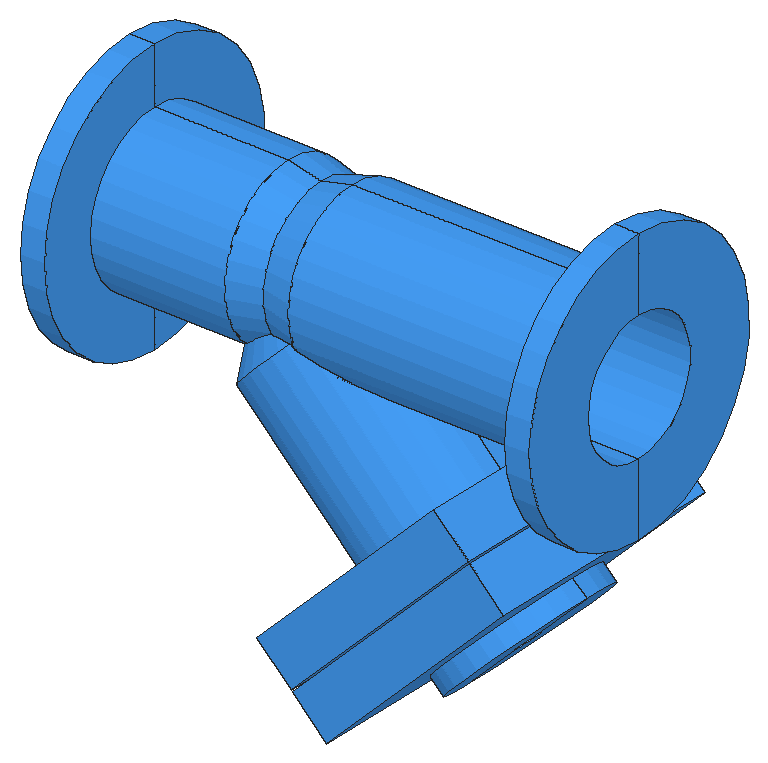
Revit family "Wye-Pattern_Strainers-Backflow_Preventor-WATTS-77F-DI-125", category Pipe Accessories, Revit 2014
Parameters (values of type "77F-DI-125 2"")
  Width = 4 1/4"
  Weight = "18/8 (LB/KG)"
  Waste Connection = no
  Vent Connection = no
  URL = "http://www.watts.com/"
  Strainer Width = 3 7/8"
  Strainer Thickness = Flange Thickness * 2  # 3/4"
  Strainer Revolve Offset Distance = Strainer Width / 2  # 1 15/16"
  Strainer Offset Length From Flange = (Strainer Length - Strainer Diameter) / 2  # 11/16"
  Strainer Length = Strainer Width  # 3 7/8"
  Strainer Diameter = Nominal Depth * 2 + NPT Diameter  # 2 1/2"
  Product Page URL = "http://www.watts.com/pages/_products_details.asp?pid=832"
  Product Documentation Link = "http://media.wattswater.com/ES-77F-DI-125.pdf"
  Price = "Prices may vary. Please consult Manufacturer Representative for most up-to-date price list."  # constant formula
  Nominal Depth 2 = Nominal Depth / 2  # 1/2"
  Nominal Depth = 1"
  NPT Radius = NPT Diameter / 2  # 1/4"
  NPT Diameter = 1/2"
  Model = "77F-DI-125"  # constant formula
  Max. Working Pressure = "200psi (13.8 bar) WOG, non-shock, @ 210°F (99°C)\r 125psi (8.6 bar) WSP @ 353°F (178°C)\r"  # constant formula
  Material = "Metal-Watts-Cast Iron"  # constant formula
  Manufacturer = "WATTS"  # constant formula
  HW Connection = no
  Flange Thickness = 3/8"
  Finish = Metal-Watts-Cast Iron
  Description = "Cast Iron, Class 125 Flanged End, Wye-Pattern Strainers"  # constant formula
  D = 7"
  Creation Date = "07/26/2018"  # constant formula
  Connection Size = Connection Radius * 2  # 2"
  Connection Radius = 1"
  Connection Outlet Description = "1/2\" Flanged Outlet"
  Connection Inlet Description = "1/2\" Flanged Inlet"
  Clearance = yes
  CW Connection = yes
  Body Radius = 1 1/4"
  B = 5 1/4"
  Assembly Code = "F1050"
  A = 7 7/8"
Types (10): name | Width | Weight | Strainer Width | Strainer Thickness | Strainer Revolve Offset Distance | Strainer Offset Length From Flange | Strainer Length | Strainer Diameter | Nominal Depth 2 | Nominal Depth | NPT Radius | NPT Diameter | Flange Thickness | D | Connection Size | Connection Radius | Connection Outlet Description | Connection Inlet Description | Body Radius | B | A
  (no name) | 4 1/4" | "18/8 (LB/KG)" | 3 7/8" | 3/4" | 1 15/16" | 11/16" | 3 7/8" | 2 1/2" | 1/2" | 1" | 1/4" | 1/2" | 3/8" | 7" | 2" | 1" | "1/2\" Flanged Outlet" | "1/2\" Flanged Inlet" | 1 1/4" | 5 1/4" | 7 7/8"
  77F-DI-125 2" | 4 1/4" | "18/8 (LB/KG)" | 3 7/8" | 3/4" | 1 15/16" | 11/16" | 3 7/8" | 2 1/2" | 1/2" | 1" | 1/4" | 1/2" | 3/8" | 7" | 2" | 1" | "1/2\" Flanged Outlet" | "1/2\" Flanged Inlet" | 1 1/4" | 5 1/4" | 7 7/8"
  77F-DI-125 2.5" | 5" | "28/13 (LB/KG)" | 4 7/8" | 3/4" | 2 7/16" | 15/16" | 4 7/8" | 3" | 1/2" | 1" | 1/2" | 1" | 3/8" | 9 3/4" | 2 1/2" | 1 1/4" | "1\" Flanged Outlet" | "1\" Flanged Inlet" | 1 5/8" | 6 1/2" | 10"
  77F-DI-125 3" | 5 1/2" | "34/15 (LB/KG)" | 5" | 1" | 2 1/2" | 5/8" | 5" | 3 3/4" | 11/16" | 1 3/8" | 1/2" | 1" | 1/2" | 10" | 3" | 1 1/2" | "1\" Flanged Outlet" | "1\" Flanged Inlet" | 2" | 7" | 10 1/8"
  77F-DI-125 4" | 7" | "60/27 (LB/KG)" | 6 1/8" | 1" | 3 1/16" | 11/16" | 6 1/8" | 4 3/4" | 13/16" | 1 5/8" | 3/4" | 1 1/2" | 1/2" | 12" | 4" | 2" | "1-1/2\" Flanged Outlet" | "1-1/2\" Flanged Inlet" | 2 1/2" | 8 1/4" | 12 1/8"
  77F-DI-125 5" | 8 1/4" | "95/43 (LB/KG)" | 7 1/2" | 1 1/4" | 3 3/4" | 1" | 7 1/2" | 5 1/2" | 7/8" | 1 3/4" | 1" | 2" | 5/8" | 17" | 5" | 2 1/2" | "2\" Flanged Outlet" | "2\" Flanged Inlet" | 3" | 11 1/4" | 15 5/8"
  77F-DI-125 6" | 10" | "133/60 (LB/KG)" | 8 1/2" | 2" | 4 1/4" | 3/4" | 8 1/2" | 7" | 1 1/4" | 2 1/2" | 1" | 2" | 1" | 20" | 6" | 3" | "2\" Flanged Outlet" | "2\" Flanged Inlet" | 3 1/2" | 13 1/2" | 18 1/2"
  77F-DI-125 8" | 14" | "247/112 (LB/KG)" | 11" | 2" | 5 1/2" | 5/8" | 11" | 9 3/4" | 1 15/16" | 3 7/8" | 1" | 2" | 1" | 22 3/4" | 8" | 4" | "2\" Flanged Outlet" | "2\" Flanged Inlet" | 5" | 15 1/2" | 21 5/8"
  77F-DI-125 10" | 16" | "370/168 (LB/KG)" | 12" | 3" | 6" | 1" | 12" | 10" | 2" | 4" | 1" | 2" | 1 1/2" | 28" | 10" | 5" | "2\" Flanged Outlet" | "2\" Flanged Inlet" | 5 5/8" | 18 1/2" | 26"
  77F-DI-125 12" | 20" | "579/262 (LB/KG)" | 15" | 3" | 7 1/2" | 3/4" | 15" | 13 1/2" | 2 7/8" | 5 3/4" | 1" | 2" | 1 1/2" | 30" | 12" | 6" | "2\" Flanged Outlet" | "2\" Flanged Inlet" | 7" | 21 3/4" | 29 7/8"
Reference planes (in)
  plane 1 "Center (Front/Back)": y = 0
  plane 2: z = 0
  plane 3 "Center (Left/Right)": x = 0
  plane 4: x = -3.9375
  plane 5: x = 3.9375
  plane 6: z = 1
  plane 7: z = -1
  plane 8: z = 2.125
  plane 9: z = -2.125
  plane 10: z = -5.25
  plane 11: z = 1.25
  plane 12: z = 1.125
  plane 13: x = -1.96875
  plane 14: x = -0.98437
  plane 15: x = -1.47656
  plane 16: x = -0.49219
  plane 17: y = 1.9375
  plane 18: y = -1.9375
  plane 19: z = -1.5625
  plane 20: z = -1
  plane 21: z = -1.84375
  plane 22: z = 1
  plane 23: x = -1.59375
  plane 24: x = 1.59375
  plane 25: y = -2
  plane 26: z = -7
Forms (in)
  Revolve 1, solid, material "Metal-Watts-Cast Iron"
    sketch origin (0, 0, 0) x (1, 0, 0) y (0, 0, 1)
      loop
        line (-3.9375, 1) -> (3.9375, 1) -> (3.9375, 2.125) -> (3.5625, 2.125) -> (3.5625, 1.25) -> (-0.49219, 1.25) -> (-0.98437, 1.125) -> (-1.47656, 1.25) -> (-3.5625, 1.25) -> (-3.5625, 2.125) -> (-3.9375, 2.125) -> (-3.9375, 1)
      axis (3.9375, 0) -> (-3.9375, 0)
    angle from 0 to 360
  Extrusion 2, solid, material "Metal-Watts-Cast Iron"
    sketch origin (-0.64688, 0, 0.64688) x (1, 0, 0) y (0, 0, 1)
      loop
        line (1.30778, -5.89688) -> (4.04782, -3.15684) -> (3.51749, -2.62651) -> (0.77745, -5.36655) -> (1.30778, -5.89688)
      loop
        line (0.75535, -5.34446) -> (3.49539, -2.60442) -> (2.96506, -2.07409) -> (0.22502, -4.81413) -> (0.75535, -5.34446)
    from -1.9375 to 1.9375
  Revolve 3, solid, material "Metal-Watts-Cast Iron"
    sketch origin (0, 0, 0) x (1, 0, 0) y (0, 0, 1)
      loop
        line (-1.83919, -0.36343) -> (-1.83919, -1.77764) -> (1.368, -4.98483) -> (2.07511, -4.27773) -> (-1.83919, -0.36343)
      axis (-1.66241, -0.18665) -> (2.25189, -4.10095)
    angle from 0 to 360
Lines and regions (in)
  Masking region 1, detail levels fine
    outline origin (0, 0, 0) x (1, 0, 0) y (0, 1, 0)
      loop
        line (-3.9375, 2.125) -> (-3.9375, -2.125) -> (-3.5625, -2.125) -> (-3.5625, -1.25) -> (-0.42186, -1.25) -> (-0.42186, -1.9375) -> (3.40093, -1.9375) -> (3.40093, -1.25) -> (3.5625, -1.25) -> (3.5625, -2.125) -> (3.9375, -2.125) -> (3.9375, 2.125) -> (3.5625, 2.125) -> (3.5625, 1.25) -> (3.40093, 1.25) -> (3.40093, 1.9375) -> (-0.42186, 1.9375) -> (-0.42186, 1.25) -> (-3.5625, 1.25) -> (-3.5625, 2.125) -> (-3.9375, 2.125)
  symbolic lines, style "PipeAccessory", detail levels fine
    curve 1: line (-0.42186, 1.25, 0) -> (3.40093, 1.25, 0)
    curve 2: line (-0.42186, -1.25, 0) -> (3.40093, -1.25, 0)
    curve 3: line (-3.5625, 1.25, 0) -> (-3.5625, -1.25, 0)
    curve 4: line (3.5625, 1.25, 0) -> (3.5625, -1.25, 0)
  symbolic lines, style "PlumbingFixturesHiddenLines", visible <- "Clearance", detail levels fine
    curve 5: line (-3.9375, 0, 0) -> (3.9375, 0, 0)
    curve 6: line (-3.9375, 0, -7) -> (-3.9375, 0, 0)
    curve 7: line (3.9375, 0, -7) -> (-3.9375, 0, -7)
    curve 8: line (3.9375, 0, 0) -> (3.9375, 0, -7)
Dimensions and locks (in)
  "Connection Size": plane 6 to plane 7
  "Width": plane 8 to plane 9
  equal spacing: plane 8, level, plane 9
  "A": plane 5 to plane 4
  equal spacing: plane 4, plane 3 "Center (Left/Right)", plane 5
  "B": level to plane 10
  equal spacing: plane 6, level, plane 7
  equal spacing: plane 3 "Center (Left/Right)", plane 13, plane 4
  equal spacing: plane 3 "Center (Left/Right)", plane 14, plane 13
  equal spacing: plane 14, plane 15, plane 13
  equal spacing: plane 3 "Center (Left/Right)", plane 16, plane 14
  "Strainer Width": plane 17 to plane 18
  "Flange Thickness": Revolve 1 sketch curve to plane 4
  "Flange Thickness": Revolve 1 sketch curve to plane 5
  "Connection Radius": level to plane 20
  equal spacing: plane 20, plane 19, plane 9
  equal spacing: plane 19, plane 21, plane 9
  "NPT Radius": Revolve 3 sketch curve to Revolve 3 sketch curve
  locked: Revolve 3 sketch curve to Extrusion 2 at 0.3125
  "Nominal Depth": Revolve 3 sketch curve to Revolve 3 sketch curve
  "Connection Radius": plane 22 to level
  equal spacing: plane 11, plane 12, plane 22
  equal spacing: plane 17, plane 1 "Center (Front/Back)", plane 18
  "Strainer Length": Extrusion 2 sketch curve to Extrusion 2 sketch curve  (x2)
  "Body Radius": plane 11 to level
  "Strainer Revolve Offset Distance": Extrusion 2 to Revolve 3 sketch curve
  "Strainer Thickness": Extrusion 2 sketch curve to Extrusion 2 sketch curve  (x2)
  "Width": Masking region 1 sketch curve to Masking region 1 sketch curve
  equal spacing: Masking region 1 sketch curve, plane 1 "Center (Front/Back)", Masking region 1 sketch curve
  "Body Radius": plane 1 "Center (Front/Back)" to Masking region 1 sketch curve
  "Body Radius": Masking region 1 sketch curve to plane 1 "Center (Front/Back)"
  locked: plane 25 to plane 1 "Center (Front/Back)" at 2
  locked: Extrusion 2 sketch curve to Extrusion 2 sketch curve at 0.03125
  "D": level to plane 26
  locked: plane 10 to Extrusion 2 sketch curve (angle 45.00°)  (x2)
  locked: Extrusion 2 sketch curve to plane 10 (angle 45.00°)  (x2)
  locked: Revolve 3 sketch curve to plane 21 (angle 45.00°)
  aligned and locked: plane 5 to Revolve 1 sketch curve
  aligned and locked: plane 8 to Revolve 1 sketch curve
  aligned and locked: Revolve 1 sketch curve to plane 8
  aligned and locked: Revolve 1 sketch curve to Revolve 1 sketch curve
  aligned and locked: Revolve 1 sketch curve to plane 11
  aligned and locked: plane 15 to Revolve 1 sketch curve
  aligned and locked: plane 16 to Revolve 1 sketch curve
  aligned and locked: plane 12 to Revolve 1 sketch curve
  aligned and locked: plane 14 to Revolve 1 sketch curve
  aligned and locked: Extrusion 2 to plane 17
  aligned and locked: Extrusion 2 to plane 18
  aligned and locked: Revolve 1 sketch curve to plane 6
  aligned and locked: plane 10 to Extrusion 2 sketch curve
  aligned and locked: Masking region 1 sketch curve to plane 4
  aligned and locked: Masking region 1 sketch curve to plane 5
  aligned and locked: Masking region 1 sketch curve to Masking region 1 sketch curve  (x8)
  aligned and locked: Revolve 1 to Masking region 1 sketch curve
  aligned and locked: Masking region 1 sketch curve to Revolve 1
  aligned and locked: Masking region 1 sketch curve to plane 17
  aligned and locked: Masking region 1 sketch curve to Extrusion 2  (x2)
  aligned and locked: Masking region 1 sketch curve to plane 18
  aligned and locked: Masking region 1 to curve 2  (x2)
  aligned and locked: curve 2 to Masking region 1
  aligned and locked: curve 1 to Masking region 1  (x2)
  aligned and locked: Masking region 1 to curve 1
  aligned and locked: Revolve 1 to curve 3
  aligned and locked: Revolve 1 to curve 4
  aligned and locked: curve 3 to Masking region 1
  aligned and locked: Masking region 1 to curve 3
  aligned and locked: curve 4 to Masking region 1
  aligned and locked: Masking region 1 to curve 4
  aligned and locked: Extrusion 2 sketch curve to Extrusion 2 sketch curve  (x2)
  aligned and locked: curve 5 to level
  aligned and locked: curve 6 to Revolve 1
  aligned and locked: curve 7 to plane 26
  aligned and locked: plane 5 to curve 8
Automatic sketch dimensions
  Revolve 1 sketch curve to level = 0"
  Revolve 1 sketch curve to plane 4 = 0"
  Revolve 1 sketch curve to plane 4 = 0.90603"
  Revolve 1 sketch curve to Revolve 1 sketch curve = 0.42846"
  plane 3 "Center (Left/Right)" to Extrusion 2 sketch curve = 0.10847"
  Revolve 3 sketch curve to plane 23 = 0.24544"
  Revolve 3 sketch curve to plane 19 = 0.18272"
Connectors (in)
  piping at (3.9375, 0, 0), diameter 2, driven by "Connection Radius"
    settings: on Revolve 1, index 1, connector inside diameter 3/4", connector length 0", flow factor 0, pipe flow 0 GPM, pressure drop 0.00 psi, fitting loss kfactor 0, connector angle 0.00°, fixture units 0, engagement length 0", angle of deflection 0.00°, flow configuration 0, flow direction 2, fitting loss method 0, system type 29, joint type 0, gender type 0, connector reference index 2, connector utility 0, adjustable connector no, is connector primary no, connector description "Threaded Female Connection Outlet"
  piping at (-3.9375, 0, 0), diameter 2, driven by "Connection Radius"
    settings: on Revolve 1, index 2, connector inside diameter 3/4", connector length 0", flow factor 0, pipe flow 0 GPM, pressure drop 0.00 psi, fitting loss kfactor 0, connector angle 0.00°, fixture units 0, engagement length 0", angle of deflection 0.00°, flow configuration 0, flow direction 1, fitting loss method 0, system type 29, joint type 0, gender type 0, connector reference index 1, connector utility 0, adjustable connector no, is connector primary yes, connector description "Threaded Female Connection Inlet"
